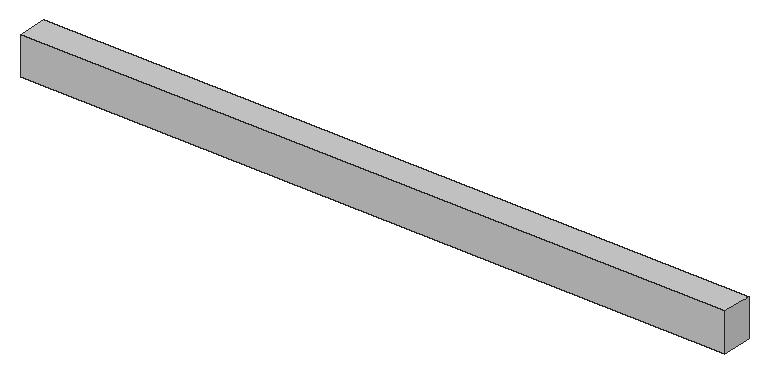
Revit family "Lum_Teto_Tubular_1_Embutido", category Lighting Fixtures, host Ceiling, Revit 2025
Family settings
  Host = Ceiling
  Round Connector Dimension = Use Diameter
  Part Type = Normal
  OmniClass Number = 23.80.70.11
  OmniClass Title = Luminaries for Internal Lighting
  Always vertical = Yes
  Cut with Voids When Loaded = No
  Light Source = Yes
  Maintain Annotation Orientation = No
  Shared = No
  Room Calculation Point = No
Parameters (values of type "Luminária_Tubular_Embutida_1_Lâmpada")
  Wattage = 9.2903 W
  built-in parameter 1150110 = 1 (stored number, unit not read)
  built-in parameter 1114217 = 1 (stored number, unit not read)
  built-in parameter 1150109 = 1 (stored number, unit not read)
  Lumi_Material = Material_Corpo_Luminaria
  Lumi_Largura_Interna = Lumi_Largura * 0.95  # 47.5 mm
  Lumi_Largura = 50 mm
  Lumi_Comprimento = 1200 mm
  Lumi_Altura_Resalto = 5 mm
  Lumi_Altura_Embutida = 60 mm
  Emit from Line Length = Lumi_Comprimento - 100 mm  # 1100 mm
  Default Elevation = 0 mm
  built-in parameter 1150134 = (empty or 0)
  built-in parameter 1150113 = 1 (stored number, unit not read)
  Lumens = 1380 lm
  built-in parameter 1150115 = 1 (stored number, unit not read)
  built-in parameter 1150105 = 439.27 (stored number, unit not read)
  Light Source Symbol Size = 30 mm
  built-in parameter 1150137 = (empty or 0)
  built-in parameter 1150139 = (empty or 0)
  built-in parameter 1150112 = 1 (stored number, unit not read)
  built-in parameter 1150114 = 1 (stored number, unit not read)
  built-in parameter 1150132 = 2
  built-in parameter 1150102 = (empty or 0)
  built-in parameter 1150138 = (empty or 0)
  built-in parameter 1150107 = 3000 (stored number, unit not read)
  built-in parameter 1150106 = 4.3927 (stored number, unit not read)
  built-in parameter 1150104 = 13.8 (stored number, unit not read)
  Dimming Lamp Color Temperature Shift = <None>
  Color Filter = 16777215
  built-in parameter 1114218 = 1 (stored number, unit not read)
  built-in parameter 1150133 = 10 (stored number, unit not read)
Reference planes
  plane 1 "Eixo de origem da luz (F/T)": y = 0
  plane 2: z = 0
  plane 3 "Eixo de origem da luz (E/D)": x = 0
  plane 4 "Forro": z = 4000
  plane 5 "Elevação da origem da luz": z = 3995
  plane 6 "Tubo_E": x = -550
  plane 7 "Tubo_D": x = 550
  plane 8: z = 4060
Forms (mm)
  Extrusion 1, solid, material "Material_Corpo_Luminaria" <- "Lumi_Material"
    sketch origin (0, 0, 4000) x (0, 1, 0) y (-1, 0, 0)
      loop
        line (25, 600) -> (-25, 600) -> (-25, -600) -> (25, -600) -> (25, 600)
    from 60 to -5
  Extrusion 2, void
    sketch origin (550, 0, 0) x (0, 1, 0) y (0, 0, 1)
      loop
        line (-23.75, 3995) -> (23.75, 3995) -> (23.75, 4011.133)
        arc (23.75, 4011.133) -> (-0.004, 4014.516) -> (-23.75, 4011.072) r 84.339
        line (-23.75, 4011.072) -> (-23.75, 3995)
    from 0 to -1100
Lines and regions (mm)
  Opening 1
    outline origin (0, 0, 4000) x (1, 0, 0) y (0, 1, 0)
      loop
        line (-600, 25) -> (-600, -25) -> (600, -25) -> (600, 25) -> (-600, 25)
Dimensions and locks
  equal spacing: host sketch curve, plane 3 "Eixo de origem da luz (E/D)", host sketch curve
  equal spacing: host sketch curve, plane 1 "Eixo de origem da luz (F/T)", host sketch curve
  host sketch curve to host sketch curve = 4000 mm  (x2)
  plane 4 "Forro" to host ceiling = 0 mm
  equal spacing: Extrusion 1 sketch curve, plane 3 "Eixo de origem da luz (E/D)", Extrusion 1 sketch curve
  equal spacing: Extrusion 1 sketch curve, plane 1 "Eixo de origem da luz (F/T)", Extrusion 1 sketch curve
  "Lumi_Largura": Extrusion 1 sketch curve to Extrusion 1 sketch curve
  "Lumi_Comprimento": Extrusion 1 sketch curve to Extrusion 1 sketch curve
  equal spacing: imposter light, plane 3 "Eixo de origem da luz (E/D)", imposter light
  equal spacing: imposter light, plane 1 "Eixo de origem da luz (F/T)", imposter light
  "Lumi_Altura_Resalto": plane 5 "Elevação da origem da luz" to plane 4 "Forro"
  equal spacing: plane 6 "Tubo_E", plane 3 "Eixo de origem da luz (E/D)", plane 7 "Tubo_D"
  "Emit from Line Length": imposter light to imposter light
  imposter light to imposter light = 30 mm
  "Emit from Line Length": plane 6 "Tubo_E" to plane 7 "Tubo_D"
  equal spacing: Extrusion 2 sketch curve, plane 1 "Eixo de origem da luz (F/T)", Extrusion 2 sketch curve
  "Lumi_Largura_Interna": Extrusion 2 to Extrusion 2
  "Lumi_Altura_Embutida": plane 8 to plane 4 "Forro"
  aligned and locked: plane 3 "Eixo de origem da luz (E/D)" to imposter light
  aligned and locked: plane 1 "Eixo de origem da luz (F/T)" to imposter light
  aligned and locked: plane 5 "Elevação da origem da luz" to imposter light
  aligned and locked: Extrusion 2 to imposter light
  aligned and locked: plane 5 "Elevação da origem da luz" to Extrusion 1
  aligned and locked: imposter light to plane 5 "Elevação da origem da luz"
  aligned and locked: plane 8 to Extrusion 1
  aligned and locked: Opening 1 sketch curve to Extrusion 1  (x4)
Automatic sketch dimensions
  plane 5 "Elevação da origem da luz" to Extrusion 2 sketch curve = 0 mm
  Extrusion 2 sketch curve to plane 1 "Eixo de origem da luz (F/T)" = 0.104 mm
  plane 5 "Elevação da origem da luz" to Extrusion 2 sketch curve = 64.822 mm
  plane 1 "Eixo de origem da luz (F/T)" to Extrusion 2 sketch curve = 23.75 mm
  Extrusion 2 sketch curve to plane 5 "Elevação da origem da luz" = 16.072 mm
